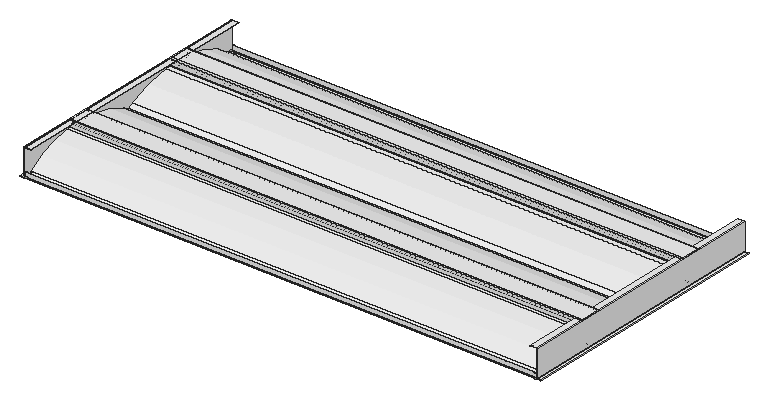
Revit family "LRTB", category Lighting Fixtures, host Ceiling, Revit 2019
Family settings
  Host = Ceiling
  Round Connector Dimension = Use Diameter
  Part Type = Normal
  OmniClass Number = 23.80.70.11.14.17
  OmniClass Title = Direct/Indirect
  Always vertical = Yes
  Cut with Voids When Loaded = No
  Light Source = Yes
  Shared = No
  Room Calculation Point = No
Parameters (values of type "LRTB2x4-LED840K046LUNV")
  Width = 1' - 11 3/4"
  Wattage = 44 W
  built-in parameter 1150110 = 1 (stored number, unit not read)
  Voltage = 120 V
  URL = "https://www.viscor.com/en/products/lrtb"
  built-in parameter 1114217 = 0.9 (stored number, unit not read)
  Tilt Angle = 90.00°
  built-in parameter 1150109 = 1 (stored number, unit not read)
  built-in parameter 1150134 = 12
  built-in parameter 1150113 = 1 (stored number, unit not read)
  Photometric Web File = "LRTB2x4-LED840K046LUNV.IES"
  Model = "LRTB"  # constant formula
  Manufacturer = "VISIONEERING by VISCOR"  # constant formula
  Lumens = 4620 lm
  built-in parameter 1150115 = 1 (stored number, unit not read)
  built-in parameter 1150105 = 367.65 (stored number, unit not read)
  built-in parameter 1150137 = (empty or 0)
  built-in parameter 1150139 = (empty or 0)
  Lens Finish = Acrylic - Viscor - Frosted Ribbed Linear Extruded
  Length = 3' - 11 3/4"
  Lamp Wattage = 44 VA
  built-in parameter 1150112 = 1 (stored number, unit not read)
  built-in parameter 1150114 = 1 (stored number, unit not read)
  Lamp = "LED"  # constant formula
  built-in parameter 1150132 = (empty or 0)
  built-in parameter 1150102 = (empty or 0)
  built-in parameter 1150138 = (empty or 0)
  built-in parameter 1150107 = 4000 (stored number, unit not read)
  built-in parameter 1150106 = 3.6765 (stored number, unit not read)
  Housing Finish = Metal - Viscor - White
  Emit from Rectangle Width = Width  # 1' - 11 3/4"
  Emit from Rectangle Length = Length  # 3' - 11 3/4"
  Emit Shape Visible in Rendering = no
  built-in parameter 1150104 = 9.7548 (stored number, unit not read)
  Dimming Lamp Color Temperature Shift = <None>
  Description = "LED Troffer Dish Parallel Tear Drop"  # constant formula
  Color Filter = 16777215
  built-in parameter 1114218 = 1 (stored number, unit not read)
  built-in parameter 1150133 = 10 (stored number, unit not read)
  Assembly Code = "D5020200"
  Apparent Load = Lamp Wattage  # 44 VA
Types (5): name | Wattage | Photometric Web File | Lumens | built-in parameter 1150105 | Length | Lamp Wattage | built-in parameter 1150106 | Emit from Rectangle Length | built-in parameter 1150104 | Apparent Load
  (no name) | 44 W | "LRTB2x4-LED840K046LUNV.IES" | 4620 lm | 367.65 (stored number, unit not read) | 3' - 11 3/4" | 44 VA | 3.6765 (stored number, unit not read) | 3' - 11 3/4" | 9.7548 (stored number, unit not read) | 44 VA
  LRTB2X2-LED840K020LUNV | 20 W | "LRTB2X2-LED840K020LUNV.ies" | 1980 lm | 157.56 (stored number, unit not read) | 1' - 11 3/4" | 20 VA | 1.5756 (stored number, unit not read) | 1' - 11 3/4" | 9.1974 (stored number, unit not read) | 20 VA
  LRTB2x2-LED840K033LUNV | 26 W | "LRTB2x2-LED840K033LUNV.IES" | 3302 lm | 262.76 (stored number, unit not read) | 1' - 11 3/4" | 26 VA | 2.6276 (stored number, unit not read) | 1' - 11 3/4" | 11.799 (stored number, unit not read) | 26 VA
  LRTB2x4-LED840K046LUNV | 44 W | "LRTB2x4-LED840K046LUNV.IES" | 4620 lm | 367.65 (stored number, unit not read) | 3' - 11 3/4" | 44 VA | 3.6765 (stored number, unit not read) | 3' - 11 3/4" | 9.7548 (stored number, unit not read) | 44 VA
  LRTB2x4-LED840K037LUNV | 28 W | "LRTB2X4-LED840K037LUNV.ies" | 3276 lm | 260.7 (stored number, unit not read) | 3' - 11 3/4" | 28 VA | 2.607 (stored number, unit not read) | 3' - 11 3/4" | 10.87 (stored number, unit not read) | 28 VA
Reference planes (in)
  plane 1 "Light Source Axis (F/B)": y = 0
  plane 2 "Ceiling": z = 96
  plane 3 "Light Source Axis (L/R)": x = 0
  plane 4 "Light Source Elevation": z = 95.96875
  plane 5: y = 11.875
  plane 6: y = -11.875
  plane 7: x = -23.875
  plane 8: x = 23.875
  plane 9: x = -23.8125
  plane 10: x = 23.8125
  plane 11: x = -23.5
  plane 12: x = 23.5
Forms (in)
  Extrusion 1, solid, material "Metal - Viscor - White" <- "Housing Finish"
    sketch origin (0, 0, 0) x (1, 0, 0) y (0, 0, 1)
      loop
        line (-23.875, 95.96875) -> (-23.572, 95.96875)
        arc (-23.572, 95.96875) -> (-23.52118, 95.98974) -> (-23.5, 96.04049) r 0.072
        line (-23.5, 96.04049) -> (-23.5, 98.42675)
        arc (-23.5, 98.42675) -> (-23.48858, 98.45433) -> (-23.461, 98.46575) r 0.039
        line (-23.461, 98.46575) -> (-22.875, 98.46575) -> (-22.875, 98.497) -> (-23.461, 98.497)
        arc (-23.461, 98.497) -> (-23.51067, 98.47642) -> (-23.53125, 98.42675) r 0.07025
        line (-23.53125, 98.42675) -> (-23.53125, 96.04055)
        arc (-23.53125, 96.04055) -> (-23.54326, 96.01187) -> (-23.572, 96) r 0.04075
        line (-23.572, 96) -> (-23.875, 96) -> (-23.875, 95.96875)
    from -11.875 to 11.875
  Extrusion 2, solid, material "Metal - Viscor - White" <- "Housing Finish"
    sketch origin (0, 0, 0) x (-1, 0, 0) y (0, 0, -1)
      loop
        line (-23.875, -95.96875) -> (-23.875, -96) -> (-23.572, -96)
        arc (-23.572, -96) -> (-23.54326, -96.01187) -> (-23.53125, -96.04055) r 0.04075
        line (-23.53125, -96.04055) -> (-23.53125, -98.42675)
        arc (-23.53125, -98.42675) -> (-23.51067, -98.47642) -> (-23.461, -98.497) r 0.07025
        line (-23.461, -98.497) -> (-22.875, -98.497) -> (-22.875, -98.46575) -> (-23.461, -98.46575)
        arc (-23.461, -98.46575) -> (-23.48858, -98.45433) -> (-23.5, -98.42675) r 0.039
        line (-23.5, -98.42675) -> (-23.5, -96.04049)
        arc (-23.5, -96.04049) -> (-23.52118, -95.98974) -> (-23.572, -95.96875) r 0.072
        line (-23.572, -95.96875) -> (-23.875, -95.96875)
    from -11.875 to 11.875
  Extrusion 3, solid, material "Metal - Viscor - White" <- "Housing Finish"
    sketch origin (0, 0, 0) x (0, 1, 0) y (0, 0, 1)
      loop
        line (0.02863, 96.48365) -> (0.44351, 96.69962)
        arc (0.44351, 96.69962) -> (2.31036, 97.44915) -> (4.28758, 97.82007) r 10.262
        line (4.28758, 97.82007) -> (4.65081, 97.85185) -> (5.06316, 97.88792) -> (5.06044, 97.91906) -> (4.64808, 97.88298) -> (4.28485, 97.8512)
        arc (4.28485, 97.8512) -> (2.30162, 97.47915) -> (0.42908, 96.72734) r 10.29325
        line (0.42908, 96.72734) -> (0, 96.50398) -> (-0.42908, 96.72734)
        arc (-0.42908, 96.72734) -> (-2.30162, 97.47915) -> (-4.28485, 97.8512) r 10.29325
        line (-4.28485, 97.8512) -> (-4.64808, 97.88298) -> (-5.06316, 97.91929) -> (-5.06316, 97.88792) -> (-4.65081, 97.85185) -> (-4.28758, 97.82007)
        arc (-4.28758, 97.82007) -> (-2.31036, 97.44915) -> (-0.44351, 96.69962) r 10.262
        line (-0.44351, 96.69962) -> (-0.02863, 96.48365)
        arc (-0.02863, 96.48365) -> (0, 96.47665) -> (0.02863, 96.48365) r 0.062
    from -23.5 to 23.5
  Sweep 4, solid, material "Metal - Viscor - White" <- "Housing Finish"
    path origin (0, 0, 96) x (1, 0, 0) y (0, 1, 0)
      loop
        line (-23.5, 0) -> (23.5, 0)
    profile origin (0, 0, 96) x (0, 1, 0) y (0, 0, 1)
      loop
        arc (7.05601, 1.83375) -> (9.24872, 1.31744) -> (11.2045, 0.19962) r 7.84945
        line (11.2045, 0.19962) -> (11.35059, 0.08548) -> (11.48318, -0.01811)
        arc (11.48318, -0.01811) -> (11.50116, -0.02787) -> (11.52135, -0.03125) r 0.062
        line (11.52135, -0.03125) -> (11.813, -0.03125)
        arc (11.813, -0.03125) -> (11.85684, -0.01309) -> (11.875, 0.03075) r 0.062
        line (11.875, 0.03075) -> (11.875, 0.46679) -> (11.84375, 0.46679) -> (11.84375, 0.03075)
        arc (11.84375, 0.03075) -> (11.83474, 0.00901) -> (11.813, 0) r 0.03075
        line (11.813, 0) -> (11.51076, 0) -> (11.36983, 0.1101) -> (11.22374, 0.22425)
        arc (11.22374, 0.22425) -> (9.26018, 1.34651) -> (7.05874, 1.86488) r 7.8807
        line (7.05874, 1.86488) -> (6.85192, 1.88298) -> (6.43956, 1.91906) -> (6.43684, 1.88792) -> (6.84919, 1.85185) -> (7.05601, 1.83375)
  Sweep 5, solid, material "Metal - Viscor - White" <- "Housing Finish"
    path origin (0, 0, 96) x (1, 0, 0) y (0, -1, 0)
      loop
        line (-23.5, 0) -> (23.5, 0)
    profile origin (0, 0, 96) x (0, 1, 0) y (0, 0, 1)
      loop
        line (-7.05601, 1.83375) -> (-6.84919, 1.85185) -> (-6.43684, 1.88792) -> (-6.43956, 1.91906) -> (-6.85192, 1.88298) -> (-7.05874, 1.86488)
        arc (-7.05874, 1.86488) -> (-9.26018, 1.34651) -> (-11.22374, 0.22425) r 7.8807
        line (-11.22374, 0.22425) -> (-11.36983, 0.1101) -> (-11.51076, 0) -> (-11.813, 0)
        arc (-11.813, 0) -> (-11.83474, 0.00901) -> (-11.84375, 0.03075) r 0.03075
        line (-11.84375, 0.03075) -> (-11.84375, 0.46679) -> (-11.875, 0.46679) -> (-11.875, 0.03075)
        arc (-11.875, 0.03075) -> (-11.85684, -0.01309) -> (-11.813, -0.03125) r 0.062
        line (-11.813, -0.03125) -> (-11.52135, -0.03125)
        arc (-11.52135, -0.03125) -> (-11.50116, -0.02787) -> (-11.48318, -0.01811) r 0.062
        line (-11.48318, -0.01811) -> (-11.35059, 0.08548) -> (-11.2045, 0.19962)
        arc (-11.2045, 0.19962) -> (-9.24872, 1.31744) -> (-7.05601, 1.83375) r 7.84945
  Extrusion 6, solid, material "Metal - Viscor - White" <- "Housing Finish"
    sketch origin (0, 0, 0) x (0, 1, 0) y (0, 0, 1)
      loop
        arc (6.715, 98.45975) -> (6.69479, 98.50854) -> (6.646, 98.52875) r 0.069
        line (6.646, 98.52875) -> (4.854, 98.52875)
        arc (4.854, 98.52875) -> (4.80521, 98.50854) -> (4.785, 98.45975) r 0.069
        line (4.785, 98.45975) -> (4.785, 97.90375) -> (4.81625, 97.90375) -> (4.81625, 98.45975)
        arc (4.81625, 98.45975) -> (4.82731, 98.48644) -> (4.854, 98.4975) r 0.03775
        line (4.854, 98.4975) -> (6.646, 98.4975)
        arc (6.646, 98.4975) -> (6.67269, 98.48644) -> (6.68375, 98.45975) r 0.03775
        line (6.68375, 98.45975) -> (6.68375, 97.90375) -> (6.715, 97.90375) -> (6.715, 98.45975)
    from -23.5 to 23.5
  Extrusion 7, solid, material "Metal - Viscor - White" <- "Housing Finish"
    sketch origin (0, 0, 0) x (0, -1, 0) y (0, 0, -1)
      loop
        line (6.715, -98.45975) -> (6.715, -97.90375) -> (6.68375, -97.90375) -> (6.68375, -98.45975)
        arc (6.68375, -98.45975) -> (6.67269, -98.48644) -> (6.646, -98.4975) r 0.03775
        line (6.646, -98.4975) -> (4.854, -98.4975)
        arc (4.854, -98.4975) -> (4.82731, -98.48644) -> (4.81625, -98.45975) r 0.03775
        line (4.81625, -98.45975) -> (4.81625, -97.90375) -> (4.785, -97.90375) -> (4.785, -98.45975)
        arc (4.785, -98.45975) -> (4.80521, -98.50854) -> (4.854, -98.52875) r 0.069
        line (4.854, -98.52875) -> (6.646, -98.52875)
        arc (6.646, -98.52875) -> (6.69479, -98.50854) -> (6.715, -98.45975) r 0.069
    from -23.5 to 23.5
  Extrusion 8, solid, material "Acrylic - Viscor - Frosted Ribbed Linear Extruded" <- "Lens Finish"
    sketch origin (0, 0, 0) x (0, 1, 0) y (0, 0, 1)
      loop
        line (6.71875, 97.73875) -> (6.71875, 97.82375)
        arc (6.71875, 97.82375) -> (6.71289, 97.83789) -> (6.69875, 97.84375) r 0.02
        line (6.69875, 97.84375) -> (6.521, 97.84375) -> (6.521, 98.03594)
        arc (6.521, 98.03594) -> (6.53058, 98.05185) -> (6.54912, 98.05082) r 0.018
        arc (6.54912, 98.05082) -> (6.59327, 98.06313) -> (6.57376, 98.1046) r 0.03
        line (6.57376, 98.1046) -> (6.48618, 98.12807)
        arc (6.48618, 98.12807) -> (6.46882, 98.12462) -> (6.461, 98.10875) r 0.02
        line (6.461, 98.10875) -> (6.461, 97.79375)
        arc (6.461, 97.79375) -> (6.46979, 97.77254) -> (6.491, 97.76375) r 0.03
        line (6.491, 97.76375) -> (6.63875, 97.76375)
        arc (6.63875, 97.76375) -> (6.58217, 97.24582) -> (6.40377, 96.75629) r 2.17014
        arc (6.40377, 96.75629) -> (6.23215, 96.49449) -> (6.00734, 96.27664) r 1.42014
        arc (6.00734, 96.27664) -> (5.75, 96.18861) -> (5.49266, 96.27664) r 0.42014
        arc (5.49266, 96.27664) -> (5.26785, 96.49449) -> (5.09623, 96.75629) r 1.42014
        arc (5.09623, 96.75629) -> (4.91783, 97.24582) -> (4.86125, 97.76375) r 2.17014
        line (4.86125, 97.76375) -> (5.009, 97.76375)
        arc (5.009, 97.76375) -> (5.03021, 97.77254) -> (5.039, 97.79375) r 0.03
        line (5.039, 97.79375) -> (5.039, 98.10875)
        arc (5.039, 98.10875) -> (5.03118, 98.12462) -> (5.01382, 98.12807) r 0.02
        line (5.01382, 98.12807) -> (4.92624, 98.1046)
        arc (4.92624, 98.1046) -> (4.90673, 98.06313) -> (4.95087, 98.05082) r 0.03
        arc (4.95087, 98.05082) -> (4.96942, 98.05185) -> (4.979, 98.03594) r 0.018
        line (4.979, 98.03594) -> (4.979, 97.84375) -> (4.80125, 97.84375)
        arc (4.80125, 97.84375) -> (4.78711, 97.83789) -> (4.78125, 97.82375) r 0.02
        line (4.78125, 97.82375) -> (4.78125, 97.73875)
        arc (4.78125, 97.73875) -> (4.84304, 97.21506) -> (5.02503, 96.72014) r 2.25
        arc (5.02503, 96.72014) -> (5.2063, 96.44361) -> (5.44375, 96.21352) r 1.5
        arc (5.44375, 96.21352) -> (5.75, 96.10875) -> (6.05625, 96.21352) r 0.5
        arc (6.05625, 96.21352) -> (6.2937, 96.44361) -> (6.47497, 96.72014) r 1.5
        arc (6.47497, 96.72014) -> (6.65696, 97.21506) -> (6.71875, 97.73875) r 2.25
    from -23.5 to 23.5
  Extrusion 9, solid, material "Acrylic - Viscor - Frosted Ribbed Linear Extruded" <- "Lens Finish"
    sketch origin (0, 0, 0) x (0, -1, 0) y (0, 0, -1)
      loop
        arc (6.71875, -97.73875) -> (6.65696, -97.21506) -> (6.47497, -96.72014) r 2.25
        arc (6.47497, -96.72014) -> (6.2937, -96.44361) -> (6.05625, -96.21352) r 1.5
        arc (6.05625, -96.21352) -> (5.75, -96.10875) -> (5.44375, -96.21352) r 0.5
        arc (5.44375, -96.21352) -> (5.2063, -96.44361) -> (5.02503, -96.72014) r 1.5
        arc (5.02503, -96.72014) -> (4.84304, -97.21506) -> (4.78125, -97.73875) r 2.25
        line (4.78125, -97.73875) -> (4.78125, -97.82375)
        arc (4.78125, -97.82375) -> (4.78711, -97.83789) -> (4.80125, -97.84375) r 0.02
        line (4.80125, -97.84375) -> (4.979, -97.84375) -> (4.979, -98.03594)
        arc (4.979, -98.03594) -> (4.96942, -98.05185) -> (4.95088, -98.05082) r 0.018
        arc (4.95088, -98.05082) -> (4.90673, -98.06313) -> (4.92624, -98.1046) r 0.03
        line (4.92624, -98.1046) -> (5.01382, -98.12807)
        arc (5.01382, -98.12807) -> (5.03118, -98.12462) -> (5.039, -98.10875) r 0.02
        line (5.039, -98.10875) -> (5.039, -97.79375)
        arc (5.039, -97.79375) -> (5.03021, -97.77254) -> (5.009, -97.76375) r 0.03
        line (5.009, -97.76375) -> (4.86125, -97.76375)
        arc (4.86125, -97.76375) -> (4.91783, -97.24582) -> (5.09623, -96.75629) r 2.17014
        arc (5.09623, -96.75629) -> (5.26785, -96.49449) -> (5.49266, -96.27664) r 1.42014
        arc (5.49266, -96.27664) -> (5.75, -96.18861) -> (6.00734, -96.27664) r 0.42014
        arc (6.00734, -96.27664) -> (6.23215, -96.49449) -> (6.40377, -96.75629) r 1.42014
        arc (6.40377, -96.75629) -> (6.58217, -97.24582) -> (6.63875, -97.76375) r 2.17014
        line (6.63875, -97.76375) -> (6.491, -97.76375)
        arc (6.491, -97.76375) -> (6.46979, -97.77254) -> (6.461, -97.79375) r 0.03
        line (6.461, -97.79375) -> (6.461, -98.10875)
        arc (6.461, -98.10875) -> (6.46882, -98.12462) -> (6.48618, -98.12807) r 0.02
        line (6.48618, -98.12807) -> (6.57376, -98.1046)
        arc (6.57376, -98.1046) -> (6.59327, -98.06313) -> (6.54913, -98.05082) r 0.03
        arc (6.54913, -98.05082) -> (6.53058, -98.05185) -> (6.521, -98.03594) r 0.018
        line (6.521, -98.03594) -> (6.521, -97.84375) -> (6.69875, -97.84375)
        arc (6.69875, -97.84375) -> (6.71289, -97.83789) -> (6.71875, -97.82375) r 0.02
        line (6.71875, -97.82375) -> (6.71875, -97.73875)
    from -23.5 to 23.5
  Extrusion 10, void
    sketch origin (0, 0, 96) x (1, 0, 0) y (0, 1, 0)
      loop
        line (-23.875, -11.875) -> (23.875, -11.875) -> (23.875, 11.875) -> (-23.875, 11.875) -> (-23.875, -11.875)
    from -0.85389 to 3.57262
Dimensions and locks (in)
  equal spacing: host sketch curve, plane 3 "Light Source Axis (L/R)", host sketch curve
  equal spacing: host sketch curve, plane 1 "Light Source Axis (F/B)", host sketch curve
  host sketch curve to host sketch curve = 10' - 0"  (x2)
  equal spacing: plane 7, plane 3 "Light Source Axis (L/R)", plane 8
  "Length": plane 7 to plane 8
  equal spacing: plane 5, plane 1 "Light Source Axis (F/B)", plane 6
  "Width": plane 5 to plane 6
  plane 4 "Light Source Elevation" to plane 2 "Ceiling" = 0' - 0 1/32"
  locked: plane 7 to plane 9 at 0.0625
  locked: plane 10 to plane 8 at 0.0625
  locked: plane 7 to plane 11 at 0.375
  locked: plane 12 to plane 8 at 0.375
  aligned and locked: plane 3 "Light Source Axis (L/R)" to imposter light
  aligned and locked: plane 1 "Light Source Axis (F/B)" to imposter light
  aligned and locked: plane 4 "Light Source Elevation" to imposter light
  aligned and locked: Extrusion 1 to plane 6
  aligned and locked: plane 5 to Extrusion 1
  aligned and locked: Extrusion 2 to plane 6
  aligned and locked: plane 5 to Extrusion 2
  aligned and locked: Extrusion 3 to plane 11
  aligned and locked: plane 12 to Extrusion 3
  aligned and locked: plane 11 to Sweep 4 sketch curve
  aligned and locked: plane 12 to Sweep 4 sketch curve
  aligned and locked: plane 1 "Light Source Axis (F/B)" to Sweep 4 sketch curve
  aligned and locked: Extrusion 6 to plane 11
  aligned and locked: plane 12 to Extrusion 6
  aligned and locked: Extrusion 7 to plane 11
  aligned and locked: plane 12 to Extrusion 7
  aligned and locked: Extrusion 8 to plane 11
  aligned and locked: plane 12 to Extrusion 8
  aligned and locked: Extrusion 9 to plane 11
  aligned and locked: plane 12 to Extrusion 9
  aligned and locked: Extrusion 10 to imposter light  (x2)
  aligned and locked: Extrusion 10 to plane 7
  aligned and locked: plane 8 to Extrusion 10
Automatic sketch dimensions
  Extrusion 1 sketch curve to Extrusion 1 sketch curve = 0' - 0"  (x7)
  Extrusion 1 sketch curve to plane 4 "Light Source Elevation" = 0' - 0"
  Extrusion 1 sketch curve to plane 2 "Ceiling" = 0' - 0"
  Extrusion 1 sketch curve to plane 11 = 0' - 0"  (x2)
  Extrusion 1 sketch curve to plane 11 = 0' - 0 1/32"
  Extrusion 1 sketch curve to Extrusion 1 sketch curve = 0' - 0 1/32"  (x2)
  Extrusion 1 sketch curve to plane 11 = 0' - 0.072"
  Extrusion 1 sketch curve to plane 7 = 0' - 0"
  plane 11 to Extrusion 1 sketch curve = 0' - 0.039"
  Extrusion 1 sketch curve to Extrusion 1 sketch curve = 0' - 0.039"
  Extrusion 1 sketch curve to Extrusion 1 sketch curve = 0' - 0.586"
  plane 2 "Ceiling" to Extrusion 1 sketch curve = 0' - 0.04049"
  Extrusion 1 sketch curve to Extrusion 1 sketch curve = 0' - 2.38626"
  Extrusion 2 sketch curve to Extrusion 2 sketch curve = 0' - 0"  (x7)
  Extrusion 2 sketch curve to plane 4 "Light Source Elevation" = 0' - 0"
  Extrusion 2 sketch curve to plane 2 "Ceiling" = 0' - 0"
  Extrusion 2 sketch curve to plane 12 = 0' - 0"  (x2)
  Extrusion 2 sketch curve to Extrusion 2 sketch curve = 0' - 0 1/32"  (x3)
  Extrusion 2 sketch curve to plane 12 = 0' - 0.072"
  Extrusion 2 sketch curve to plane 8 = 0' - 0"
  plane 12 to Extrusion 2 sketch curve = 0' - 0.039"  (x2)
  Extrusion 2 sketch curve to Extrusion 2 sketch curve = 0' - 0.586"
  Extrusion 2 sketch curve to plane 2 "Ceiling" = 0' - 0.04049"
  Extrusion 2 sketch curve to Extrusion 2 sketch curve = 0' - 2.38626"
  Extrusion 3 sketch curve to Extrusion 3 sketch curve = 0' - 0"  (x4)
  Extrusion 3 sketch curve to plane 1 "Light Source Axis (F/B)" = 0' - 0"  (x2)
  plane 1 "Light Source Axis (F/B)" to Extrusion 3 sketch curve = 0' - 0.02863"
  plane 1 "Light Source Axis (F/B)" to Extrusion 3 sketch curve = 0' - 0.42908"
  Extrusion 3 sketch curve to Extrusion 3 sketch curve = 0' - 0.01443"  (x2)
  plane 2 "Ceiling" to Extrusion 3 sketch curve = 0' - 1.8512"  (x2)
  Extrusion 3 sketch curve to Extrusion 3 sketch curve = 0' - 3.84135"  (x2)
  plane 2 "Ceiling" to Extrusion 3 sketch curve = 0' - 1.82007"  (x2)
  Extrusion 3 sketch curve to Extrusion 3 sketch curve = 0' - 0.00272"  (x4)
  plane 2 "Ceiling" to Extrusion 3 sketch curve = 0' - 1.88298"  (x2)
  Extrusion 3 sketch curve to Extrusion 3 sketch curve = 0' - 0.36323"  (x2)
  plane 2 "Ceiling" to Extrusion 3 sketch curve = 0' - 1.85185"  (x2)
  Extrusion 3 sketch curve to Extrusion 3 sketch curve = 0' - 0.41508"
  plane 1 "Light Source Axis (F/B)" to Extrusion 3 sketch curve = 0' - 5.18197"
  Extrusion 3 sketch curve to plane 1 "Light Source Axis (F/B)" = 0' - 0.02863"
  Extrusion 3 sketch curve to plane 1 "Light Source Axis (F/B)" = 0' - 0.42908"
  plane 2 "Ceiling" to Extrusion 3 sketch curve = 0' - 1.91906"
  Extrusion 3 sketch curve to Extrusion 3 sketch curve = 0' - 0.41236"
  Extrusion 3 sketch curve to plane 1 "Light Source Axis (F/B)" = 0' - 5.18197"
  plane 2 "Ceiling" to Extrusion 3 sketch curve = 0' - 0.72734"  (x2)
  Extrusion 3 sketch curve to Extrusion 3 sketch curve = 0' - 0.1887"
  Extrusion 3 sketch curve to Extrusion 3 sketch curve = 0' - 0.03467"
  Extrusion 3 sketch curve to Extrusion 3 sketch curve = 0' - 0.02033"
  Extrusion 3 sketch curve to Extrusion 3 sketch curve = 0' - 0.03608"
  Extrusion 3 sketch curve to Extrusion 3 sketch curve = 0' - 0.03137"
  Sweep 4 sketch curve to Sweep 4 sketch curve = 0' - 0"  (x4)
  Sweep 4 sketch curve to plane 2 "Ceiling" = 0' - 0"
  Sweep 4 sketch curve to profile plane = 0' - 6.37189"
  plane 2 "Ceiling" to Sweep 4 sketch curve = 0' - 1.88792"
  Sweep 4 sketch curve to profile plane = 0' - 6.43684"
  plane 2 "Ceiling" to Sweep 4 sketch curve = 0' - 1.91906"
  Sweep 4 sketch curve to Sweep 4 sketch curve = 0' - 0.00272"  (x2)
  plane 2 "Ceiling" to Sweep 4 sketch curve = 0' - 1.85185"
  plane 2 "Ceiling" to Sweep 4 sketch curve = 0' - 1.88298"
  plane 2 "Ceiling" to Sweep 4 sketch curve = 0' - 1.83375"
  Sweep 4 sketch curve to Sweep 4 sketch curve = 0' - 0.20682"
  plane 2 "Ceiling" to Sweep 4 sketch curve = 0' - 1.86488"
  plane 2 "Ceiling" to Sweep 4 sketch curve = 0' - 0.19962"
  Sweep 4 sketch curve to Sweep 4 sketch curve = 0' - 4.14848"
  plane 2 "Ceiling" to Sweep 4 sketch curve = 0' - 0.22425"
  plane 2 "Ceiling" to Sweep 4 sketch curve = 0' - 0.08548"
  Sweep 4 sketch curve to Sweep 4 sketch curve = 0' - 0.1461"
  plane 2 "Ceiling" to Sweep 4 sketch curve = 0' - 0.1101"
  Sweep 4 sketch curve to Sweep 4 sketch curve = 0' - 0.01924"
  Sweep 4 sketch curve to plane 2 "Ceiling" = 0' - 0.01811"
  Sweep 4 sketch curve to Sweep 4 sketch curve = 0' - 0.13258"
  Sweep 4 sketch curve to Sweep 4 sketch curve = 0' - 0.02758"
  Sweep 4 sketch curve to Sweep 4 sketch curve = 0' - 0.01059"
  Sweep 4 sketch curve to Sweep 4 sketch curve = 0' - 0.29165"
  Sweep 4 sketch curve to Sweep 4 sketch curve = 0' - 0.03075"
  Sweep 4 sketch curve to Sweep 4 sketch curve = 0' - 0 1/32"
  Sweep 4 sketch curve to Sweep 4 sketch curve = 0' - 0.43604"
  plane 1 "Light Source Axis (F/B)" to Sweep 5 sketch curve = 0' - 0"
  Sweep 5 sketch curve to plane 11 = 0' - 0"
  Sweep 5 sketch curve to plane 12 = 0' - 0"
  Sweep 5 sketch curve to Sweep 5 sketch curve = 0' - 0"  (x4)
  Sweep 5 sketch curve to plane 2 "Ceiling" = 0' - 0"
  plane 2 "Ceiling" to Sweep 5 sketch curve = 0' - 0.46679"
  profile plane to Sweep 5 sketch curve = 0' - 11 7/8"
  Sweep 5 sketch curve to Sweep 5 sketch curve = 0' - 0 1/32"
  Sweep 5 sketch curve to Sweep 5 sketch curve = 0' - 0.03075"
  Sweep 5 sketch curve to Sweep 5 sketch curve = 0' - 0.29165"
  Sweep 5 sketch curve to Sweep 5 sketch curve = 0' - 0.01059"
  Sweep 5 sketch curve to plane 2 "Ceiling" = 0' - 0.01811"
  Sweep 5 sketch curve to Sweep 5 sketch curve = 0' - 0.02758"
  plane 2 "Ceiling" to Sweep 5 sketch curve = 0' - 0.1101"
  Sweep 5 sketch curve to Sweep 5 sketch curve = 0' - 0.15151"
  plane 2 "Ceiling" to Sweep 5 sketch curve = 0' - 0.08548"
  Sweep 5 sketch curve to Sweep 5 sketch curve = 0' - 0.01924"  (x2)
  plane 2 "Ceiling" to Sweep 5 sketch curve = 0' - 0.22425"
  Sweep 5 sketch curve to Sweep 5 sketch curve = 0' - 0.1461"
  plane 2 "Ceiling" to Sweep 5 sketch curve = 0' - 0.19962"
  plane 2 "Ceiling" to Sweep 5 sketch curve = 0' - 1.86488"
  Sweep 5 sketch curve to Sweep 5 sketch curve = 0' - 4.14576"
  plane 2 "Ceiling" to Sweep 5 sketch curve = 0' - 1.83375"
  plane 2 "Ceiling" to Sweep 5 sketch curve = 0' - 1.88298"
  Sweep 5 sketch curve to Sweep 5 sketch curve = 0' - 0.20682"
  plane 2 "Ceiling" to Sweep 5 sketch curve = 0' - 1.85185"
  Sweep 5 sketch curve to Sweep 5 sketch curve = 0' - 0.00272"
  plane 2 "Ceiling" to Sweep 5 sketch curve = 0' - 1.91906"
  Sweep 5 sketch curve to Sweep 5 sketch curve = 0' - 0.41236"
  Sweep 5 sketch curve to plane 2 "Ceiling" = 0' - 5.98583"
  Extrusion 6 sketch curve to Extrusion 6 sketch curve = 0' - 0"  (x5)
  plane 2 "Ceiling" to Extrusion 6 sketch curve = 0' - 1.90375"
  Extrusion 6 sketch curve to plane 1 "Light Source Axis (F/B)" = 0' - 4.785"
  Extrusion 6 sketch curve to Extrusion 6 sketch curve = 0' - 0 1/32"
  Extrusion 6 sketch curve to Extrusion 6 sketch curve = 0' - 0.03775"  (x2)
  Extrusion 6 sketch curve to Extrusion 6 sketch curve = 0' - 1.792"
  Extrusion 6 sketch curve to Extrusion 6 sketch curve = 0' - 0.556"
  Extrusion 7 sketch curve to Extrusion 7 sketch curve = 0' - 0"  (x5)
  Extrusion 7 sketch curve to plane 2 "Ceiling" = 0' - 1.90375"
  Extrusion 7 sketch curve to plane 1 "Light Source Axis (F/B)" = 0' - 4.785"
  Extrusion 7 sketch curve to Extrusion 7 sketch curve = 0' - 0 1/32"
  Extrusion 7 sketch curve to Extrusion 7 sketch curve = 0' - 0.03775"  (x2)
  Extrusion 7 sketch curve to Extrusion 7 sketch curve = 0' - 1.792"
  Extrusion 7 sketch curve to Extrusion 7 sketch curve = 0' - 0.556"
  Extrusion 8 sketch curve to Extrusion 8 sketch curve = 0' - 0"  (x17)
  plane 2 "Ceiling" to Extrusion 8 sketch curve = 0' - 1.73875"
  Extrusion 8 sketch curve to plane 1 "Light Source Axis (F/B)" = 0' - 4 15/32"
  Extrusion 8 sketch curve to Extrusion 8 sketch curve = 0' - 0 5/16"  (x2)
  Extrusion 8 sketch curve to Extrusion 8 sketch curve = 0' - 0.02"  (x2)
  Extrusion 8 sketch curve to Extrusion 8 sketch curve = 0' - 0.08"  (x2)
  plane 2 "Ceiling" to Extrusion 8 sketch curve = 0' - 2.1046"  (x2)
  Extrusion 8 sketch curve to Extrusion 8 sketch curve = 0' - 0 1/8"
  Extrusion 8 sketch curve to Extrusion 8 sketch curve = 0' - 0.00776"  (x2)
  Extrusion 8 sketch curve to Extrusion 8 sketch curve = 0' - 0.027"  (x2)
  Extrusion 8 sketch curve to Extrusion 8 sketch curve = 0' - 0.11775"  (x2)
  Extrusion 8 sketch curve to Extrusion 8 sketch curve = 0' - 0.03"  (x4)
  plane 2 "Ceiling" to Extrusion 8 sketch curve = 0' - 2.12807"  (x2)
  Extrusion 8 sketch curve to Extrusion 8 sketch curve = 0' - 0.08759"
  Extrusion 8 sketch curve to Extrusion 8 sketch curve = 0' - 0.00518"  (x2)
  Extrusion 8 sketch curve to Extrusion 8 sketch curve = 0' - 0.12849"
  plane 2 "Ceiling" to Extrusion 8 sketch curve = 0' - 0.60875"
  Extrusion 8 sketch curve to Extrusion 8 sketch curve = 0' - 0.61251"  (x2)
  Extrusion 8 sketch curve to Extrusion 8 sketch curve = 0' - 0.09849"
  Extrusion 8 sketch curve to Extrusion 8 sketch curve = 0' - 0.018"
  Extrusion 8 sketch curve to Extrusion 8 sketch curve = 0' - 0.06"  (x2)
  Extrusion 8 sketch curve to Extrusion 8 sketch curve = 0' - 0.33954"
  Extrusion 8 sketch curve to Extrusion 8 sketch curve = 0' - 0.70954"
  Extrusion 8 sketch curve to Extrusion 8 sketch curve = 0' - 0.025"  (x2)
  Extrusion 8 sketch curve to Extrusion 8 sketch curve = 0' - 0.085"
  Extrusion 8 sketch curve to Extrusion 8 sketch curve = 0' - 0.06866"
  Extrusion 8 sketch curve to Extrusion 8 sketch curve = 0' - 0.07281"
  Extrusion 8 sketch curve to Extrusion 8 sketch curve = 0' - 0.02898"  (x2)
  Extrusion 9 sketch curve to Extrusion 9 sketch curve = 0' - 0"  (x17)
  Extrusion 9 sketch curve to plane 2 "Ceiling" = 0' - 1.73875"
  Extrusion 9 sketch curve to plane 1 "Light Source Axis (F/B)" = 0' - 4 15/32"
  Extrusion 9 sketch curve to Extrusion 9 sketch curve = 0' - 0 5/16"  (x2)
  Extrusion 9 sketch curve to Extrusion 9 sketch curve = 0' - 0.02"  (x2)
  Extrusion 9 sketch curve to Extrusion 9 sketch curve = 0' - 0.08"  (x2)
  Extrusion 9 sketch curve to plane 2 "Ceiling" = 0' - 2.1046"  (x2)
  Extrusion 9 sketch curve to Extrusion 9 sketch curve = 0' - 0 1/8"
  Extrusion 9 sketch curve to Extrusion 9 sketch curve = 0' - 0.00776"  (x2)
  Extrusion 9 sketch curve to Extrusion 9 sketch curve = 0' - 0.027"  (x2)
  Extrusion 9 sketch curve to Extrusion 9 sketch curve = 0' - 0.11775"  (x2)
  Extrusion 9 sketch curve to Extrusion 9 sketch curve = 0' - 0.03"  (x4)
  Extrusion 9 sketch curve to plane 2 "Ceiling" = 0' - 2.12807"  (x2)
  Extrusion 9 sketch curve to Extrusion 9 sketch curve = 0' - 0.08759"
  Extrusion 9 sketch curve to Extrusion 9 sketch curve = 0' - 0.00518"  (x2)
  Extrusion 9 sketch curve to Extrusion 9 sketch curve = 0' - 0.12849"
  Extrusion 9 sketch curve to plane 2 "Ceiling" = 0' - 0.60875"
  Extrusion 9 sketch curve to Extrusion 9 sketch curve = 0' - 0.61251"  (x2)
  Extrusion 9 sketch curve to Extrusion 9 sketch curve = 0' - 0.09849"
  Extrusion 9 sketch curve to Extrusion 9 sketch curve = 0' - 0.018"
  Extrusion 9 sketch curve to Extrusion 9 sketch curve = 0' - 0.06"  (x2)
  Extrusion 9 sketch curve to Extrusion 9 sketch curve = 0' - 0.33954"
  Extrusion 9 sketch curve to Extrusion 9 sketch curve = 0' - 0.70954"
  Extrusion 9 sketch curve to Extrusion 9 sketch curve = 0' - 0.025"  (x2)
  Extrusion 9 sketch curve to Extrusion 9 sketch curve = 0' - 0.085"
  Extrusion 9 sketch curve to Extrusion 9 sketch curve = 0' - 0.06866"
  Extrusion 9 sketch curve to Extrusion 9 sketch curve = 0' - 0.07281"
  Extrusion 9 sketch curve to Extrusion 9 sketch curve = 0' - 0.02898"  (x2)
  Extrusion 10 sketch curve to plane 7 = 0' - 0"
  plane 8 to Extrusion 10 sketch curve = 0' - 0"
  Extrusion 10 sketch curve to plane 6 = 0' - 0"
  plane 6 to Extrusion 10 sketch curve = 1' - 11 3/4"
Connectors (in)
  electrical at (0, 0, 96), driven by "Voltage", driven by "Apparent Load"
    settings: index 1, voltage 120 V, apparent load 0 VA, apparent load phase1 44 VA, apparent load phase2 0 VA, apparent load phase3 0 VA, power factor 1, load classification "Other", number of poles 1, system type 31, power factor state 1, is connector primary yes, connector utility no, sub classification motor no, connector description ""
